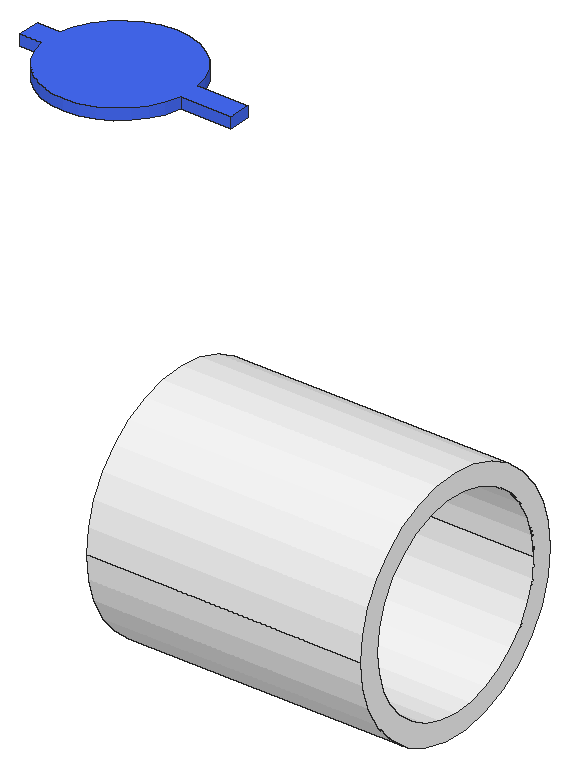
Revit family "Registro De Corte Antifraude 1-2 Inserto Dzr Interior X Telescopico Nylon", category Pipe Accessories, Revit 2020
Family settings
  Round Connector Dimension = Use Diameter
  Part Type = Valve - Normal
  Work Plane-Based = No
  Always vertical = Yes
  Cut with Voids When Loaded = No
  Shared = No
Parameters (values of type "Registro de corte antifraude 1/2"")
  URL = "https://pcpplasticos.co/wp-content/uploads/2022/09/CATALOGO-2022-FERRETERIA-PCP-OK-low.pdf"
  SKU = "3097"
  Model = SKU  # "3097"
  Manufacturer = "PCP PLASTICOS"
  Imagen = "https://pcpplasticos.co/wp-content/uploads/2022/09/CATALOGO-2022-FERRETERIA-PCP-OK-low.pdf"
  Email = "servicioalcliente@PCPplasticos.com"
  Description = "Registro de corte antifraude 1/2\"\r\nInserto Dzr Interior X Telescopico Nylon"
  Default Elevation = 0 mm
Reference planes
  plane 1 "Center (Front/Back)": y = 0
  plane 2: z = 0
  plane 3 "Center (Left/Right)": x = 0
Forms (mm)
  Extrusion 1, solid, material "255_255_255(1)"
    sketch origin (0, 0, 0) x (0, 1, 0) y (0, 0, 1)
      loop
        circle (0, 0) r 16
      loop
        circle (0, 0) r 13.294
    from -17.574 to 19.61
  Extrusion 2, solid, material "0_54_255"
    sketch origin (0, 0, 0) x (1, 0, 0) y (0, 1, 0)
      loop
        line (-9.731, 1.49) -> (-16.479, 1.49)
        arc (-16.479, 1.49) -> (-25.887, 9.526) -> (-35.296, 1.49) r 9.526
        line (-35.296, 1.49) -> (-38.308, 1.49) -> (-38.308, -1.49) -> (-35.296, -1.49)
        arc (-35.296, -1.49) -> (-25.887, -9.526) -> (-16.479, -1.49) r 9.526
        line (-16.479, -1.49) -> (-9.731, -1.49) -> (-9.731, 1.49)
    from 48.2 to 49.7
Dimensions and locks
  aligned and locked: level to plane 2
Connectors
  piping at (57.711, 0, 0), diameter 12.7
    settings: on import instance, index 1, connector inside diameter 609.6 mm, connector length 0 mm, flow factor 0, pipe flow 0.0 L/s, pressure drop 0.0 Pa, fitting loss kfactor 0, connector angle 0.00°, fixture units 0, engagement length 0 mm, angle of deflection 0.00°, flow configuration 0, flow direction 0, fitting loss method 0, system type 7, joint type 0, gender type 0, connector reference index -1, connector utility 0, adjustable connector no, is connector primary yes, connector description ""
  piping at (-57.187, 0, 0), diameter 12.7
    settings: on import instance, index 2, connector inside diameter 609.6 mm, connector length 0 mm, flow factor 0, pipe flow 0.0 L/s, pressure drop 0.0 Pa, fitting loss kfactor 0, connector angle 0.00°, fixture units 0, engagement length 0 mm, angle of deflection 0.00°, flow configuration 0, flow direction 0, fitting loss method 0, system type 7, joint type 0, gender type 0, connector reference index -1, connector utility 0, adjustable connector no, is connector primary no, connector description ""
